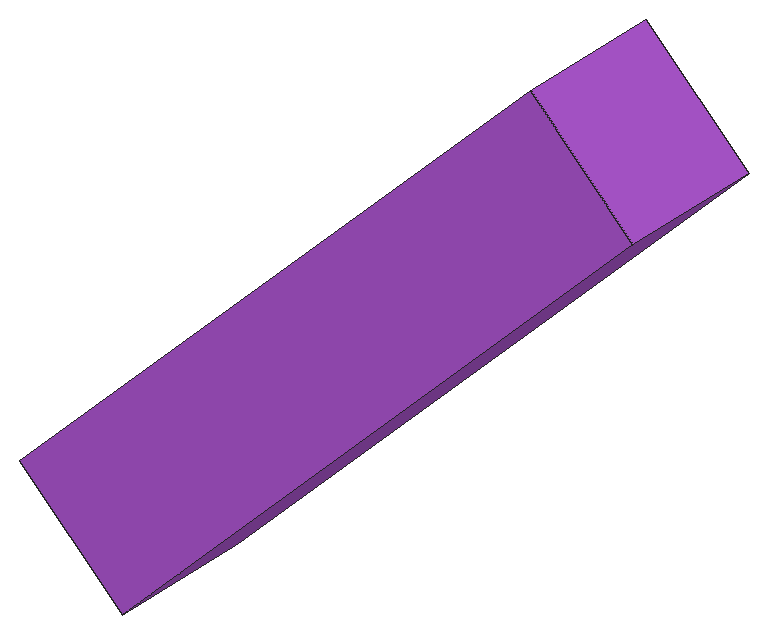
Revit family "ケーブルトレイサポート_角形鋼管(正方形)", category Generic Models, Revit 2023
Family settings
  Can host rebar = No
  Round Connector Dimension = Use Diameter
  Part Type = Normal
  Work Plane-Based = Yes
  Always vertical = No
  Cut with Voids When Loaded = No
  Maintain Annotation Orientation = No
  Shared = No
  Room Calculation Point = No
Parameters (values of type "100 x 100")
  高さ = 100 mm
  長辺 [instance] = 長さ  # 500 mm
  長さ [instance] = 500 mm
  部屋名 = ""
  角度 [instance] = 45.00°
  Default Elevation = 1219.2 mm
  構造マテリアル = E304_ケーブルトレイサポート
  幅 = 100 mm
Types (14, lengths in mm): name | 高さ | 幅
  100 x 100 | 100 | 100
  125 x 125 | 125 | 125
  150 x 150 | 150 | 150
  175 x 175 | 175 | 175
  200 x 200 | 200 | 200
  250 x 250 | 250 | 250
  300 x 300 | 300 | 300
  350 x 350 | 350 | 350
  40 x 40 | 40 | 40
  50 x 50 | 50 | 50
  60 x 60 | 60 | 60
  75 x 75 | 75 | 75
  80 x 80 | 80 | 80
  90 x 90 | 90 | 90
Reference planes
  plane 1 "中心(正面/背面)": y = 0
  plane 2: z = 0
  plane 3 "中心(左/右)": x = 0
Lines and regions (mm)
  reference lines
    curve 1: line (0, 0, 0) -> (806.102, 0, 806.102)
    curve 2: line (35.355, 0, -35.355) -> (-35.355, 0, 35.355)
    curve 3: line (388.909, 0, 318.198) -> (318.198, 0, 388.909)
Dimensions and locks
  equal spacing: curve 2, curve 1, curve 2
  "高さ": curve 2 to curve 2
  equal spacing: curve 3, curve 1, curve 3
  "高さ": curve 3 to curve 3
  "長さ": curve 2 to curve 3
  "角度": angle level to curve 1
  angle curve 2 to curve 1 = 90.00°
  angle curve 3 to curve 1 = 90.00°
  aligned and locked: level to plane 2
  aligned and locked: level to curve 1
  aligned and locked: plane 3 "中心(左/右)" to curve 1
  aligned and locked: curve 1 to nested 1
Nested families
  nested 1: "グレーチング_角形鋼管(正方形)" at (-35.355, 0, 35.355) x (0, 1, 0) z (0.7071, 0, -0.7071), 長さ <- "長さ", type "350 x 350"
    with 長辺 500 mm, 長さ 500 mm, 高さ 100 mm, 幅 100 mm
Definition of nested family "グレーチング_角形鋼管(正方形)"
  Parameters (values of type "350 x 350")
    高さ = 350 mm
    長辺 [instance] = 長さ  # 1000 mm
    長さ [instance] = 1000 mm
    部屋名 = ""
    Default Elevation = 1219.2 mm
    構造マテリアル = none
    幅 = 350 mm
  Reference planes
    plane 1 "中心(正面/背面)": y = 0
    plane 2: z = 0
    plane 3 "中心(左/右)": x = 0
    plane 4: z = 175
    plane 5: z = 350
  Forms (mm)
    Extrusion 1, solid, material <- "構造マテリアル"
      sketch origin (0, 0, 0) x (1, 0, 0) y (0, 1, 0)
        loop
          line (-175, 1000) -> (-175, 0) -> (175, 0) -> (175, 1000) -> (-175, 1000)
      from 0 to 350
  Lines and regions (mm)
    reference lines
      curve 1: line (175, 1000, 0) -> (-175, 1000, 0)
      curve 2: line (175, 0, 0) -> (-175, 0, 0)
  Dimensions and locks
    "長さ": curve 1 to curve 2
    "幅": Extrusion 1 to Extrusion 1
    equal spacing: Extrusion 1, plane 3 "中心(左/右)", Extrusion 1
    "幅": curve 1 to curve 1
    equal spacing: curve 1, plane 3 "中心(左/右)", curve 1
    "幅": curve 2 to curve 2
    equal spacing: curve 2, plane 3 "中心(左/右)", curve 2
    equal spacing: plane 5, plane 4, level
    "高さ": plane 5 to level
    aligned and locked: level to plane 2
    aligned and locked: Extrusion 1 to curve 2
    aligned and locked: curve 1 to Extrusion 1
    aligned and locked: plane 5 to Extrusion 1
  Automatic sketch dimensions
    Extrusion 1 sketch curve to plane 3 "中心(左/右)" = 175 mm
    plane 3 "中心(左/右)" to Extrusion 1 sketch curve = 175 mm
    plane 1 "中心(正面/背面)" to Extrusion 1 sketch curve = 0 mm
    Extrusion 1 sketch curve to plane 1 "中心(正面/背面)" = 1000 mm
    plane 1 "中心(正面/背面)" to curve 2 = 0 mm
